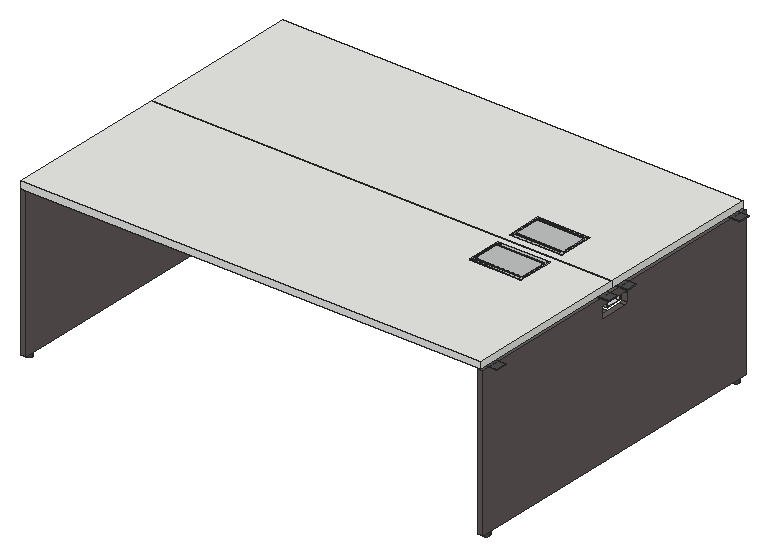
Revit family "Spine_Desks-Teknion-RMDSL_Spine_Desk_Shared_Left_End_Position-R2019", category Furniture, Revit 2019 (continued)
Automatic sketch dimensions
  Sweep 16 sketch curve to Sweep 16 sketch curve = 0.29194"  (x8)
  Sweep 17 sketch curve to Sweep 17 sketch curve = 0.000"
  Sweep 17 sketch curve to Sweep 17 sketch curve = 0.82015"  (x3)
  plane 7 "Front" to curve 97 = 0.000"
  curve 97 to plane 6 "Back" = 0.000"
  curve 152 to plane 5 "Right" = 0.50787"
  radius of Sweep 18 sketch curve = 0.500"  (x4)
Nested families (in)
  nested 1: "Teknion_2D_Node_Family-R2016" at (0, 0, 0), visible <- "Connection Node Visibility", type "Teknion_2D_Node_Family-R2016"
  nested 2: "Teknion_2D_Node_Family-R2016" at (42, 0, 0), visible <- "Connection Node Visibility", type "Teknion_2D_Node_Family-R2016"
Definition of nested family "Teknion_2D_Node_Family-R2016"
  Reference planes (in)
    plane 1 "Center (Front/Back)": y = 0
    plane 2: z = 0
    plane 3 "Center (Left/Right)": x = 0
  Lines and regions (in)
    detail lines, in view "Ref. Level"
      curve 1: circle (0, 0, 0) r 1.25 normal (0, 0, 1)
      curve 2: line (1.91508, -1.91508, 0) -> (-1.91508, 1.91508, 0)
      curve 3: line (-1.91508, -1.91508, 0) -> (1.91508, 1.91508, 0)
Types (8): name | Right Access Door | Model | Middle Access Door | Left Access Door | Front Access Panel Cutout Offset | Offset Right  Access Door | Description | Offset Left Access Door | Center Grommet Cutout | Centered Rectangular Grommet | Both End Grommet Cutout | Back Access Panel Cutout Offset | Both Ends Rectangular Grommet | Available Width | Access Door Cutout | Access Door
  (no name) | yes | "RMDSL_RR_____" | no | no | 69.000" | no | "Spine Desk - Shared - Left-End Position, Raised Modesty Panel, Access Door Right" | no | 0.500" | no | 0.500" | 69.000" | no | "48\", 54\", 60\", 66\", 72\", 78\", or 84\"" | 3.000" | yes
  Rectangular Grommets Both Ends, Raised Modesty Panel | no | "RMDSL_RB_____" | no | no | 69.000" | no | "Spine Desk - Shared - Left-End Position, Raised Modesty Panel, Rectangular Grommets Both Ends" | no | 0.500" | no | 3.000" | 69.000" | yes | "48\", 54\", 60\", 66\", 72\", 78\", or 84\"" | 0.500" | no
  Rectangular Grommets Centered, Raised Modesty Panel | no | "RMDSL_RC_____" | no | no | 69.000" | no | "Spine Desk - Shared - Left-End Position, Raised Modesty Panel, Rectangular Grommets Centered" | no | 3.000" | yes | 0.500" | 69.000" | no | "30\", 36\", 42\", 48\", 54\", 60\", 66\", 72\", 78\", or 84\"" | 0.500" | no
  Access Door Offset Left, Raised Modesty Panel | no | "RMDSL_RD_____" | no | no | 15.000" | no | "Spine Desk - Shared - Left-End Position, Raised Modesty Panel, Access Door Offset Left" | yes | 0.500" | no | 0.500" | 69.000" | no | "60\", 66\", 72\", 78\", or 84\"" | 3.000" | yes
  Access Door Offset Right, Raised Modesty Panel | no | "RMDSL_RE_____" | no | no | 69.000" | yes | "Spine Desk - Shared - Left-End Position, Raised Modesty Panel, Access Door Offset Right" | no | 0.500" | no | 0.500" | 15.000" | no | "60\", 66\", 72\", 78\", or 84\"" | 3.000" | yes
  Access Door Left, Raised Modesty Panel | no | "RMDSL_RL_____" | no | yes | 15.000" | no | "Spine Desk - Shared - Left-End Position, Raised Modesty Panel, Access Door Left" | no | 0.500" | no | 0.500" | 15.000" | no | "48\", 54\", 60\", 66\", 72\", 78\", or 84\"" | 3.000" | yes
  Access Door Middle, Raised Modesty Panel | no | "RMDSL_RM_____" | yes | no | 42.000" | no | "Spine Desk - Shared - Left-End Position, Raised Modesty Panel, Access Door Middle" | no | 0.500" | no | 0.500" | 42.000" | no | "30\", 36\", 42\", 48\", 54\", 60\", 66\", 72\", 78\", or 84\"" | 3.000" | yes
  Access Door Right, Raised Modesty Panel | yes | "RMDSL_RR_____" | no | no | 69.000" | no | "Spine Desk - Shared - Left-End Position, Raised Modesty Panel, Access Door Right" | no | 0.500" | no | 0.500" | 69.000" | no | "48\", 54\", 60\", 66\", 72\", 78\", or 84\"" | 3.000" | yes
